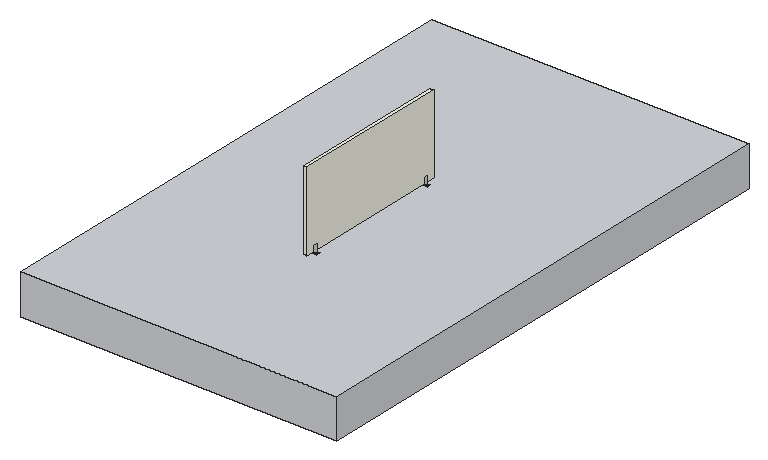
Revit family
Parameters (values of type "48" Urinal Screen")
  Wall Gap = 0' - 0 1/2"
  URL = "www.bobrick.com"
  Type Comments = "TrimLineSeries Laminated Plastic Partitions and Screens with Stainless Steel Edges"
  Product Page URL = ""
  Partition Material = Laminated Plastic - Bobrick - Designer White
  Panel Thickness = 0' - 1"
  Panel Height = 4' - 0"
  Panel Depth = 2' - 0"
  Model = "1030 Series"
  Manufacturer = "Bobrick Washroom Equipment, Inc."
  Floor Offset = Default Elevation  # 1' - 0"
  Finish Material = Stainless Steel - Bobrick - Satin
  Description = "Wall Hung Urinal Screen"
  Default Elevation = 1' - 0"
  Ceiling Height = 5' - 7"
  Bracket Spacing = 3' - 6"
  Bracket Height = 0' - 3"
  Assembly Code = "C1030210"
  Floor to Ceiling Post = no
Types (4): name | Panel Height | Floor Offset | Description | Default Elevation | Ceiling Height | Bracket Spacing | Bracket Height | Floor to Ceiling Post
  (no name) | 4' - 0" | 1' - 0" | "Wall Hung Urinal Screen" | 1' - 0" | 5' - 7" | 3' - 6" | 0' - 3" | no
  42" Urinal Screen | 3' - 6" | 1' - 6" | "Wall Hung Urinal Screen" | 1' - 6" | 10' - 0" | 3' - 0" | 0' - 3" | no
  48" Urinal Screen | 4' - 0" | 1' - 0" | "Wall Hung Urinal Screen" | 1' - 0" | 5' - 7" | 3' - 6" | 0' - 3" | no
  Urinal Screen B-1033 | 4' - 10" | 1' - 0" | "Post to Ceiling Screen" | 1' - 0" | 8' - 0" | 3' - 10" | 0' - 6" | yes
Reference planes (in)
  plane 1 "Center (Front/Back)": y = 0
  plane 2: z = 0
  plane 3 "Center (Left/Right)": x = 0
  plane 4: y = 48
  plane 5: x = -0.5
  plane 6: x = 0.5
  plane 7: z = 24.5
  plane 8: z = 0.5
  plane 9: y = 3
  plane 10: y = 45
  plane 11: y = 55
  plane 12: y = -12
  plane 13 "Post": z = 25
  plane 14: z = 26.25
  plane 15: x = -0.625
  plane 16: x = 0.625
  plane 17: y = 24
Forms (in)
  Extrusion 1, solid
    sketch origin (0, 0, 0) x (1, 0, 0) y (0, 1, 0)
      loop
        line (-48, 108) -> (-48, -48) -> (48, -48) -> (48, 108) -> (-48, 108)
    from 0 to -12
  Extrusion 2, solid, material "Laminated Plastic - Bobrick - Designer White" <- "Partition Material"
    sketch origin (0, 0, 0) x (1, 0, 0) y (0, 1, 0)
      loop
        line (0.5, 0) -> (0.5, 48) -> (-0.5, 48) -> (-0.5, 0) -> (0.5, 0)
    from 0.5 to 24.5
  Extrusion 3, solid, material "Stainless Steel - Bobrick - Satin" <- "Finish Material", visible <- "Floor to Ceiling Post"
    sketch origin (0, 0, 0) x (1, 0, 0) y (0, 0, 1)
      loop
        line (-0.625, 26.25) -> (-0.625, 25) -> (0.625, 25) -> (0.625, 26.25) -> (-0.625, 26.25)
    from -55 to 12
Lines and regions (in)
  Masking region 1
    outline origin (0, 0, 0) x (0, 1, 0) y (0, 0, 1)
      loop
        line (48, 0.5) -> (48, 24.5) -> (0, 24.5) -> (0, 0.5) -> (2.5, 0.5) -> (2.5, 0) -> (3.5, 0) -> (3.5, 0.5) -> (44.5, 0.5) -> (44.5, 0) -> (45.5, 0) -> (45.5, 0.5) -> (48, 0.5)
  Masking region 2
    outline origin (0, 0, 0) x (1, 0, 0) y (0, 0, 1)
      loop
        line (0.5, 2.25) -> (0.5, 24.5) -> (-0.5, 24.5) -> (-0.5, 2.25) -> (-0.625, 2.25) -> (-0.625, 0.125) -> (-1.5, 0.125) -> (-1.5, 0) -> (1.5, 0) -> (1.5, 0.125) -> (0.625, 0.125) -> (0.625, 2.25) -> (0.5, 2.25)
  Masking region 3
    outline origin (0, 0, 0) x (1, 0, 0) y (0, 1, 0)
      loop
        line (0.5, 48) -> (-0.5, 48) -> (-0.5, 45.5) -> (-1.5, 45.5) -> (-1.5, 44.5) -> (-0.5, 44.5) -> (-0.5, 3.5) -> (-1.5, 3.5) -> (-1.5, 2.5) -> (-0.5, 2.5) -> (-0.5, 0) -> (0.5, 0) -> (0.5, 2.5) -> (1.5, 2.5) -> (1.5, 3.5) -> (0.5, 3.5) -> (0.5, 44.5) -> (1.5, 44.5) -> (1.5, 45.5) -> (0.5, 45.5) -> (0.5, 48)
  Masking region 4, visible <- "Floor to Ceiling Post"
    outline origin (0, 0, 0) x (1, 0, 0) y (0, 0, 1)
      loop
        line (-0.5, 22.75) -> (-0.5, 24.875) -> (0.5, 24.875) -> (0.5, 22.75) -> (0.625, 22.75) -> (0.625, 26.25) -> (-0.625, 26.25) -> (-0.625, 22.75) -> (-0.5, 22.75)
  Masking region 5, visible <- "Floor to Ceiling Post"
    outline origin (0, 0, 0) x (0, 1, 0) y (0, 0, 1)
      loop
        line (55, 26.25) -> (-12, 26.25) -> (-12, 25) -> (2.5, 25) -> (2.5, 22.75) -> (3.5, 22.75) -> (3.5, 25) -> (23.5, 25) -> (23.5, 22.75) -> (24.5, 22.75) -> (24.5, 25) -> (44.5, 25) -> (44.5, 22.75) -> (45.5, 22.75) -> (45.5, 25) -> (55, 25) -> (55, 26.25)
  symbolic lines, style "Urinal Screens"
    curve 1: line (0, 3.5, 0.5) -> (0, 3.5, 2.25)
    curve 2: line (0, 3.5, 2.25) -> (0, 2.5, 2.25)
    curve 3: line (0, 2.5, 2.25) -> (0, 2.5, 0.5)
    curve 4: line (0, 3.5, 0.125) -> (0, 2.5, 0.125)
    curve 5: line (0, 45.5, 0.5) -> (0, 45.5, 2.25)
    curve 6: line (0, 45.5, 2.25) -> (0, 44.5, 2.25)
    curve 7: line (0, 44.5, 2.25) -> (0, 44.5, 0.5)
    curve 8: line (0, 45.5, 0.125) -> (0, 44.5, 0.125)
    curve 9: line (0.5, 0, 2.25) -> (0.5, 0, 0.125)
    curve 10: line (0.5, 0, 0.125) -> (-0.5, 0, 0.125)
    curve 11: line (-0.5, 0, 0.125) -> (-0.5, 0, 2.25)
    curve 12: line (0.5, 0, 0.5) -> (-0.5, 0, 0.5)
    curve 13: line (0.625, 3.5, 0) -> (0.625, 2.5, 0)
    curve 14: line (-0.625, 3.5, 0) -> (-0.625, 2.5, 0)
    curve 15: line (-0.5, 3.5, 0) -> (-0.5, 2.5, 0)
    curve 16: line (0.5, 3.5, 0) -> (0.5, 2.5, 0)
    curve 17: line (-0.5, 45.5, 0) -> (-0.5, 44.5, 0)
    curve 18: line (-0.625, 45.5, 0) -> (-0.625, 44.5, 0)
    curve 19: line (0.5, 45.5, 0) -> (0.5, 44.5, 0)
    curve 20: line (0.625, 45.5, 0) -> (0.625, 44.5, 0)
  symbolic lines, style "Urinal Screens", visible <- "Floor to Ceiling Post"
    curve 21: line (0, 45.5, 25) -> (0, 44.5, 25)
    curve 22: line (0, 24.5, 25) -> (0, 23.5, 25)
    curve 23: line (0, 3.5, 25) -> (0, 2.5, 25)
    curve 24: line (-0.625, 0, 25) -> (0.625, 0, 25)
Dimensions and locks (in)
  equal spacing: plane 5, plane 3 "Center (Left/Right)", plane 6
  "Panel Thickness": plane 5 to plane 6
  "Panel Height": plane 1 "Center (Front/Back)" to plane 4
  "Wall Gap": plane 8 to level
  "Panel Depth": plane 7 to plane 8
  "Bracket Height": plane 1 "Center (Front/Back)" to plane 9
  "Bracket Spacing": plane 10 to plane 9
  "Floor Offset": plane 12 to plane 1 "Center (Front/Back)"
  "Ceiling Height": plane 11 to plane 12
  "Wall Gap": plane 13 "Post" to plane 7
  locked: plane 14 to plane 13 "Post" at 1.25
  plane 15 to plane 3 "Center (Left/Right)" to plane 16 = 0' - 0 5/8" locked, 0' - 0 5/8" locked
  equal spacing: plane 10, plane 17, plane 9
  aligned and locked: plane 2 to Extrusion 1
  aligned and locked: level to Extrusion 1
  aligned and locked: Extrusion 2 sketch curve to plane 1 "Center (Front/Back)"
  aligned and locked: plane 6 to Extrusion 2 sketch curve
  aligned and locked: Extrusion 2 sketch curve to plane 4
  aligned and locked: plane 5 to Extrusion 2 sketch curve
  aligned and locked: plane 7 to Extrusion 2
  aligned and locked: Extrusion 2 to plane 8
  aligned and locked: nested 1 to level
  aligned and locked: plane 3 "Center (Left/Right)" to nested 1
  aligned and locked: nested 1 to plane 9
  aligned and locked: nested 2 to level
  aligned and locked: nested 2 to plane 10
  aligned and locked: Masking region 1 sketch curve to Extrusion 2  (x4)
  aligned and locked: nested 1 to Masking region 1 sketch curve
  aligned and locked: Masking region 1 sketch curve to nested 1  (x2)
  aligned and locked: Masking region 1 sketch curve to nested 2  (x2)
  aligned and locked: nested 2 to Masking region 1 sketch curve
  aligned and locked: Extrusion 2 to Masking region 2 sketch curve
  aligned and locked: Masking region 2 sketch curve to Extrusion 2
  aligned and locked: Extrusion 1 to Masking region 2 sketch curve
  aligned and locked: Masking region 2 sketch curve to nested 2  (x7)
  aligned and locked: Masking region 3 sketch curve to Extrusion 2  (x4)
  aligned and locked: Masking region 3 sketch curve to nested 1  (x4)
  aligned and locked: Masking region 3 sketch curve to nested 2  (x4)
  aligned and locked: Extrusion 3 sketch curve to plane 14
  aligned and locked: Extrusion 3 sketch curve to plane 15
  aligned and locked: plane 13 "Post" to Extrusion 3 sketch curve
  aligned and locked: Extrusion 3 sketch curve to plane 16
  aligned and locked: plane 11 to Extrusion 3
  aligned and locked: Extrusion 3 to plane 12
  aligned and locked: plane 13 "Post" to nested 3
  aligned and locked: plane 3 "Center (Left/Right)" to nested 3
  aligned and locked: nested 3 to plane 10
  aligned and locked: nested 5 to plane 9
  aligned and locked: plane 17 to nested 4
  aligned and locked: plane 7 to Masking region 2 sketch curve
  aligned and locked: Masking region 4 sketch curve to plane 14
  aligned and locked: Masking region 4 sketch curve to plane 16
  aligned and locked: Masking region 4 sketch curve to plane 15
  aligned and locked: Masking region 4 sketch curve to plane 5
  aligned and locked: Masking region 4 sketch curve to plane 6
  aligned and locked: Masking region 4 sketch curve to nested 5  (x3)
  aligned and locked: plane 14 to Masking region 5 sketch curve
  aligned and locked: Masking region 5 sketch curve to plane 12
  aligned and locked: Masking region 5 sketch curve to plane 13 "Post"  (x4)
  aligned and locked: nested 5 to Masking region 5 sketch curve
  aligned and locked: Masking region 5 sketch curve to nested 5  (x2)
  aligned and locked: nested 4 to Masking region 5 sketch curve
  aligned and locked: Masking region 5 sketch curve to nested 4  (x2)
  aligned and locked: plane 11 to Masking region 5 sketch curve
  aligned and locked: Masking region 5 sketch curve to nested 3
  aligned and locked: nested 3 to Masking region 5 sketch curve
  aligned and locked: Masking region 5 to nested 3
  aligned and locked: plane 13 "Post" to nested 4
  aligned and locked: plane 13 "Post" to nested 5
Automatic sketch dimensions
  Extrusion 1 sketch curve to Extrusion 1 sketch curve = 8' - 0"
  Extrusion 1 sketch curve to Extrusion 1 sketch curve = 13' - 0"
  plane 10 to Masking region 3 sketch curve = 0' - 0 1/2"
  Masking region 3 sketch curve to plane 5 = 0' - 0"  (x2)
  Masking region 3 sketch curve to plane 6 = 0' - 0"  (x2)
  Masking region 3 sketch curve to plane 10 = 0' - 0 1/2"
  plane 9 to Masking region 3 sketch curve = 0' - 0 1/2"
  Masking region 3 sketch curve to plane 9 = 0' - 0 1/2"
  curve 15 to plane 5 = 0' - 0"
  curve 17 to plane 5 = 0' - 0"
  curve 19 to plane 6 = 0' - 0"
  curve 16 to plane 6 = 0' - 0"
  curve 18 to curve 17 = 0' - 0 1/8"
  curve 14 to plane 5 = 0' - 0 1/8"
  curve 13 to plane 6 = 0' - 0 1/8"
  curve 20 to plane 6 = 0' - 0 1/8"
  curve 13 to plane 9 = 0' - 0 1/2"
  curve 15 to plane 9 = 0' - 0 1/2"
  curve 14 to curve 15 = 0' - 0"  (x2)
  curve 16 to curve 13 = 0' - 0"  (x2)
  plane 9 to curve 15 = 0' - 0 1/2"
  plane 9 to curve 16 = 0' - 0 1/2"
  curve 20 to plane 10 = 0' - 0 1/2"
  curve 17 to plane 10 = 0' - 0 1/2"
  curve 19 to curve 20 = 0' - 0"  (x2)
  curve 18 to curve 17 = 0' - 0"  (x2)
  plane 10 to curve 18 = 0' - 0 1/2"
  plane 10 to curve 20 = 0' - 0 1/2"
  level to Masking region 2 sketch curve = 0' - 0 1/8"
  curve 3 to plane 8 = 0' - 0"
  curve 23 to plane 13 "Post" = 0' - 0"
  curve 1 to plane 8 = 0' - 0"
  curve 22 to plane 13 "Post" = 0' - 0"
  curve 7 to plane 8 = 0' - 0"
  curve 21 to plane 13 "Post" = 0' - 0"
  curve 5 to plane 8 = 0' - 0"
  curve 2 to plane 9 = 0' - 0 1/2"
  level to curve 4 = 0' - 0 1/8"
  curve 4 to curve 3 = 0' - 0"
  curve 23 to plane 9 = 0' - 0 1/2"
  plane 9 to curve 1 = 0' - 0 1/2"
  curve 4 to curve 1 = 0' - 0"
  plane 9 to curve 23 = 0' - 0 1/2"
  plane 17 to curve 22 = 0' - 0 1/2"
  curve 22 to plane 17 = 0' - 0 1/2"
  level to curve 8 = 0' - 0 1/8"
  curve 8 to plane 10 = 0' - 0 1/2"
  curve 7 to plane 10 = 0' - 0 1/2"
  curve 21 to plane 10 = 0' - 0 1/2"
  plane 10 to curve 21 = 0' - 0 1/2"
  plane 10 to curve 8 = 0' - 0 1/2"
  plane 10 to curve 6 = 0' - 0 1/2"
  curve 3 to curve 2 = 0' - 1 3/4"
  plane 8 to curve 5 = 0' - 1 3/4"
  curve 24 to plane 13 "Post" = 0' - 0"
  plane 15 to curve 24 = 0' - 0"
  curve 12 to plane 5 = 0' - 0"
  plane 6 to curve 12 = 0' - 0"
  curve 24 to plane 16 = 0' - 0"
  curve 12 to plane 8 = 0' - 0"
  level to curve 11 = 0' - 0 1/8"
  plane 8 to curve 11 = 0' - 1 3/4"
  curve 9 to curve 11 = 0' - 0"
  Masking region 1 sketch curve to plane 8 = 0' - 0"  (x2)
  Masking region 5 sketch curve to plane 7 = 0' - 1 3/4"
Nested families (in)
  nested 1: "Wall_Hung_Bracket-Bobrick" at (0, 2.5, 0), type "1 Inch Panel"
  nested 2: "Wall_Hung_Bracket-Bobrick" at (0, 44.5, 0), type "1 Inch Panel"
  nested 3: "Panel_to_Post_Bracket-Bobrick" at (0, 44.5, 25), visible <- "Floor to Ceiling Post", type "1 Inch Panel"
  nested 4: "Panel_to_Post_Bracket-Bobrick" at (0, 23.5, 25), visible <- "Floor to Ceiling Post", type "1 Inch Panel"
  nested 5: "Panel_to_Post_Bracket-Bobrick" at (0, 2.5, 25), visible <- "Floor to Ceiling Post", type "1 Inch Panel"
Definition of nested family "Wall_Hung_Bracket-Bobrick"
  Parameters (values of type "1 Inch Panel")
    Panel Thickness = 0' - 1"
  Types (3): name | Panel Thickness
    (no name) | 0' - 1"
    1 Inch Panel | 0' - 1"
    3/4 Inch Panel | 0' - 0 3/4"
  Reference planes (in)
    plane 1 "Center (Front/Back)": y = 0
    plane 2: z = 0
    plane 3 "Center (Left/Right)": x = 0
    plane 4: y = 1
    plane 5: x = 1.5
    plane 6: x = -1.5
    plane 7: x = -0.5
    plane 8: x = 0.5
    plane 9: x = -0.625
    plane 10: x = 0.625
    plane 11: z = 0.125
    plane 12: z = 2.25
    plane 13: y = 0.5
  Forms (in)
    Extrusion 1, solid, material "Stainless Steel - Bobrick - Satin"
      sketch origin (0, 0, 0) x (1, 0, 0) y (0, 1, 0)
        loop
          line (-1.5, 1) -> (-1.5, 0) -> (1.5, 0) -> (1.5, 1) -> (-1.5, 1)
      from 0 to 0.125
    Extrusion 2, solid, material "Stainless Steel - Bobrick - Satin"
      sketch origin (0, 0, 0) x (1, 0, 0) y (0, 1, 0)
        loop
          line (-0.625, 1) -> (-0.625, 0) -> (-0.5, 0) -> (-0.5, 1) -> (-0.625, 1)
      from 0.125 to 2.25
    Extrusion 3, solid, material "Stainless Steel - Bobrick - Satin"
      sketch origin (0, 0, 0) x (1, 0, 0) y (0, 1, 0)
        loop
          line (0.5, 1) -> (0.5, 0) -> (0.625, 0) -> (0.625, 1) -> (0.5, 1)
      from 0.125 to 2.25
  Cuts and joins
    joined: Extrusion 1, Extrusion 2, Extrusion 3
  Dimensions and locks (in)
    equal spacing: plane 6, plane 3 "Center (Left/Right)", plane 5
    plane 6 to plane 5 = 0' - 3"
    plane 1 "Center (Front/Back)" to plane 4 = 0' - 1"
    equal spacing: plane 7, plane 3 "Center (Left/Right)", plane 8
    "Panel Thickness": plane 7 to plane 8
    locked: plane 9 to plane 7 at 0.125
    locked: plane 8 to plane 10 at 0.125
    locked: plane 11 to level at 0.125
    locked: plane 12 to level at 2.25
    plane 4 to plane 13 to plane 1 "Center (Front/Back)" = 0' - 0 1/2" locked, 0' - 0 1/2" locked
    aligned and locked: plane 2 to level
    aligned and locked: Extrusion 1 sketch curve to plane 4
    aligned and locked: Extrusion 1 sketch curve to plane 6
    aligned and locked: Extrusion 1 sketch curve to plane 1 "Center (Front/Back)"
    aligned and locked: Extrusion 1 sketch curve to plane 5
    aligned and locked: Extrusion 1 to level
    aligned and locked: plane 11 to Extrusion 1
    aligned and locked: Extrusion 2 sketch curve to plane 4
    aligned and locked: plane 9 to Extrusion 2 sketch curve
    aligned and locked: Extrusion 2 sketch curve to plane 1 "Center (Front/Back)"
    aligned and locked: Extrusion 2 sketch curve to plane 7
    aligned and locked: Extrusion 2 to plane 11
    aligned and locked: plane 12 to Extrusion 2
    aligned and locked: plane 10 to Extrusion 3 sketch curve
    aligned and locked: Extrusion 3 sketch curve to plane 8
    aligned and locked: Extrusion 3 sketch curve to plane 4
    aligned and locked: Extrusion 3 sketch curve to plane 1 "Center (Front/Back)"
    aligned and locked: plane 12 to Extrusion 3
    aligned and locked: Extrusion 3 to plane 11
Definition of nested family "Panel_to_Post_Bracket-Bobrick"
  Parameters (values of type "1 Inch Panel")
    Panel Thickness = 0' - 1"
    Assembly Code = ""
  Reference planes (in)
    plane 1 "Center (Front/Back)": y = 0
    plane 2: z = 0
    plane 3 "Center (Left/Right)": x = 0
    plane 4: y = 1
    plane 5: x = -0.5
    plane 6: x = 0.5
    plane 7: x = -0.625
    plane 8: x = 0.625
    plane 9: z = -0.125
    plane 10: z = -2.25
    plane 11: y = 0.5
  Forms (in)
    Extrusion 1, solid, material "Stainless Steel - Bobrick - Satin"
      sketch origin (0, 0, 0) x (1, 0, 0) y (0, 1, 0)
        loop
          line (-0.625, 1) -> (-0.625, 0) -> (0.625, 0) -> (0.625, 1) -> (-0.625, 1)
      from 0 to -0.125
    Extrusion 2, solid, material "Stainless Steel - Bobrick - Satin"
      sketch origin (0, 0, 0) x (1, 0, 0) y (0, 1, 0)
        loop
          line (-0.625, 1) -> (-0.625, 0) -> (-0.5, 0) -> (-0.5, 1) -> (-0.625, 1)
      from -0.125 to -2.25
    Extrusion 3, solid, material "Stainless Steel - Bobrick - Satin"
      sketch origin (0, 0, 0) x (1, 0, 0) y (0, 1, 0)
        loop
          line (0.5, 1) -> (0.5, 0) -> (0.625, 0) -> (0.625, 1) -> (0.5, 1)
      from -0.125 to -2.25
  Cuts and joins
    joined: Extrusion 1, Extrusion 2, Extrusion 3
  Dimensions and locks (in)
    plane 1 "Center (Front/Back)" to plane 4 = 0' - 1"
    equal spacing: plane 5, plane 3 "Center (Left/Right)", plane 6
    "Panel Thickness": plane 5 to plane 6
    locked: plane 7 to plane 5 at 0.125
    locked: plane 6 to plane 8 at 0.125
    locked: level to plane 9 at 0.125
    locked: level to plane 10 at 2.25
    plane 4 to plane 11 to plane 1 "Center (Front/Back)" = 0' - 0 1/2" locked, 0' - 0 1/2" locked
    aligned and locked: plane 2 to level
    aligned and locked: Extrusion 1 sketch curve to plane 4
    aligned and locked: Extrusion 1 sketch curve to plane 1 "Center (Front/Back)"
    aligned and locked: Extrusion 1 to level
    aligned and locked: plane 9 to Extrusion 1
    aligned and locked: Extrusion 2 sketch curve to plane 4
    aligned and locked: plane 7 to Extrusion 2 sketch curve
    aligned and locked: Extrusion 2 sketch curve to plane 1 "Center (Front/Back)"
    aligned and locked: Extrusion 2 sketch curve to plane 5
    aligned and locked: Extrusion 2 to plane 9
    aligned and locked: plane 10 to Extrusion 2
    aligned and locked: plane 8 to Extrusion 3 sketch curve
    aligned and locked: Extrusion 3 sketch curve to plane 6
    aligned and locked: Extrusion 3 sketch curve to plane 4
    aligned and locked: Extrusion 3 sketch curve to plane 1 "Center (Front/Back)"
    aligned and locked: plane 10 to Extrusion 3
    aligned and locked: Extrusion 3 to plane 9
    aligned and locked: Extrusion 1 to plane 7
    aligned and locked: Extrusion 1 to plane 8
  Automatic sketch dimensions
    Extrusion 1 sketch curve to plane 8 = 0' - 0"
    Extrusion 1 sketch curve to plane 7 = 0' - 0"
